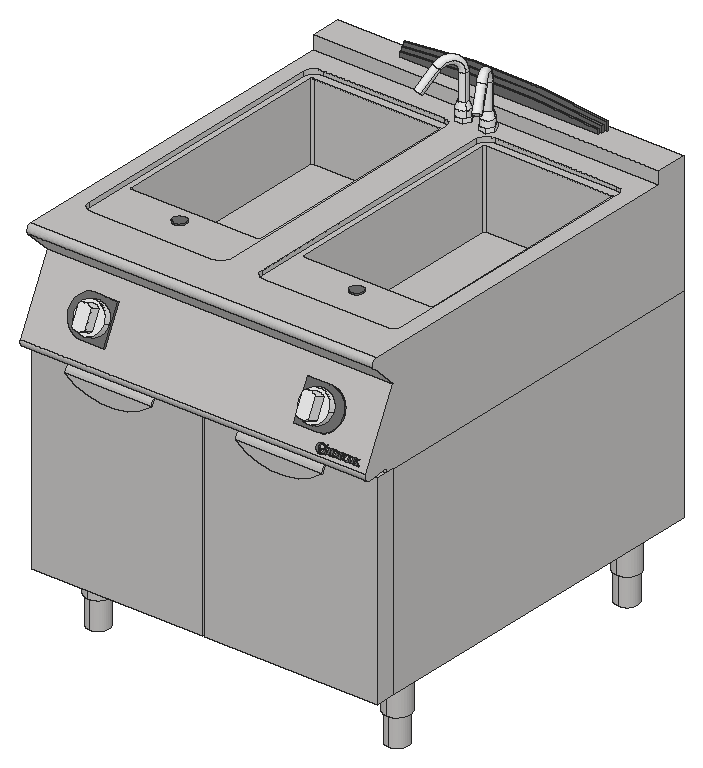
Revit family "QF_GIORIK_CPG946", category Specialty Equipment, Revit 2014
Parameters (values of type "CPG946")
  Weight in Pounds = 253.5313
  Waste Water Discharge Temperature [instance] = 0 °C
  URL Cutsheet = "www.giorik.com"
  URL = "www.giorik.com"
  Status [instance] = ""
  Specification by User [instance] = ""
  Specification by Manufacturer = ""
  Show Logo [instance] = yes
  Show Clearance [instance] = yes
  Serial Number = ""
  Seismic Rating = ""
  SMACNA No = ""
  Revision Code [instance] = ""
  Plumbing Remarks [instance] = ""
  Plumbing Connection Type [instance] = ""
  NAFEM Spec ID Number = ""
  Model = "CPG946"
  Masterspec = ""
  Manufacturer = "GIORIK"
  Item Number [instance] = ""
  Installed By [instance] = ""
  Indirect Waste Size = 1"
  Indirect Waste Flow = 0.0 L/s
  Indirect Waste Connection Type [instance] = ""
  Indirect Waste Connection Height [instance] = 150 mm
  Identify Quantity as Lot [instance] = no
  Gas Size = 1"
  Gas RI Height [instance] = 0 mm
  Gas KW = 30
  Gas Input = 30000 W
  Gas Connection Height [instance] = 150 mm
  Furnished By [instance] = ""
  Foodservice Equipment Identifier [instance] = yes
  Description = "40+40 LITRE TWIN TANK GAS PASTA COOKER."
  Cold Water Temperature Recommended = 0 °C
  Cold Water Size = 1/2"
  Cold Water RI Height [instance] = 150 mm
  Cold Water Minimum Pressure = 20000.0 Pa
  Cold Water Maximum Pressure = 50000.0 Pa
  Cold Water Flow [instance] = 0.0 L/s
  Cold Water Consumption [instance] = ""
  Cold Water Connection Height [instance] = 150 mm
  CSI MasterFormat = ""
  Assembly Code = "E1090320"
Reference planes
  plane 1 "Back": y = 0
  plane 2: z = 0
  plane 3 "Left": x = 0
  plane 4 "Right": x = 800
  plane 5 "Front": y = -920
  plane 6 "Top": z = 900
Forms (mm)
  Extrusion 1, solid, visible <- "Show Logo"
    sketch origin (586.604, -935.764, 609.022) x (-1, 0, 0) y (0, 0.452718, 0.891654)
      loop
        line (-118.824, 58.358) -> (-127.804, 58.358) -> (-125.523, 56.445) -> (-125.523, 48.027) -> (-127.804, 46.113) -> (-118.824, 46.113) -> (-121.105, 48.027) -> (-121.105, 56.445) -> (-118.824, 58.358)
      loop
        line (-163.721, 58.358) -> (-172.7, 58.358) -> (-170.42, 56.445) -> (-170.42, 48.027) -> (-172.7, 46.113) -> (-163.721, 46.113) -> (-166.001, 48.027) -> (-166.001, 56.445) -> (-163.721, 58.358)
      loop
        line (-174.332, 58.358) -> (-183.312, 58.358) -> (-181.031, 56.445) -> (-181.031, 52.435) -> (-186.419, 56.955) -> (-184.416, 58.358) -> (-191.268, 58.358) -> (-188.01, 56.839) -> (-185.455, 54.283) -> (-190.846, 47.858) -> (-193.396, 46.93) -> (-193.396, 46.113) -> (-184.416, 46.113) -> (-185.437, 47.571) -> (-182.443, 51.552) -> (-181.031, 50.894) -> (-181.031, 48.027) -> (-183.312, 46.113) -> (-174.332, 46.113) -> (-176.613, 48.027) -> (-176.613, 56.445) -> (-174.332, 58.358)
      loop
        line (-115.429, 62.063) -> (-115.429, 54.198)
        arc (-115.429, 54.198) -> (-111.618, 57.803) -> (-106.847, 59.986) r 16.039
        arc (-106.847, 59.986) -> (-103.314, 59.837) -> (-100.512, 57.68) r 5.851
        arc (-100.512, 57.68) -> (-98.815, 52.267) -> (-100.512, 46.853) r 9.479
        arc (-100.512, 46.853) -> (-102.406, 44.986) -> (-104.846, 43.93) r 7.236
        arc (-104.846, 43.93) -> (-107.728, 44.111) -> (-110.052, 45.825) r 5.11
        line (-110.052, 45.825) -> (-110.052, 52.001) -> (-116.141, 52.001) -> (-116.141, 45.503) -> (-117.893, 43.751) -> (-114.094, 44.769)
        arc (-114.094, 44.769) -> (-112.56, 44.947) -> (-111.129, 44.366) r 3.115
        arc (-111.129, 44.366) -> (-104.216, 42.091) -> (-97.303, 44.366) r 11.641
        arc (-97.303, 44.366) -> (-93.396, 52.107) -> (-97.303, 59.849) r 9.622
        arc (-97.303, 59.849) -> (-104.369, 62.174) -> (-111.435, 59.849) r 11.898
        line (-111.435, 59.849) -> (-115.429, 62.063)
      loop
        arc (-129.234, 56.068) -> (-135.893, 58.628) -> (-142.552, 56.068) r 9.941
        arc (-142.552, 56.068) -> (-144.234, 52.286) -> (-142.552, 48.505) r 5.093
        arc (-142.552, 48.505) -> (-135.893, 45.945) -> (-129.234, 48.505) r 9.941
        arc (-129.234, 48.505) -> (-127.552, 52.286) -> (-129.234, 56.068) r 5.093
      loop
        arc (-132.628, 54.403) -> (-135.893, 57.668) -> (-139.158, 54.403) r 3.265
        line (-139.158, 54.403) -> (-139.158, 50.169)
        arc (-139.158, 50.169) -> (-135.893, 46.904) -> (-132.628, 50.169) r 3.265
        line (-132.628, 50.169) -> (-132.628, 54.403)
      loop
        arc (-156.363, 58.365) -> (-159.647, 55.081) -> (-156.363, 51.796) r 3.285
        line (-156.363, 51.796) -> (-159.529, 47.306) -> (-162.087, 46.113) -> (-155.847, 46.113) -> (-153.529, 51.083) -> (-150.637, 51.083) -> (-150.637, 47.784) -> (-153.022, 46.113) -> (-144.011, 46.113) -> (-146.094, 47.68) -> (-146.094, 56.493) -> (-144.229, 58.365) -> (-156.363, 58.365)
      loop
        line (-150.637, 57.512) -> (-153.637, 57.512)
        arc (-153.637, 57.512) -> (-156.237, 54.912) -> (-153.637, 52.312) r 2.6
        line (-153.637, 52.312) -> (-150.637, 52.312) -> (-150.637, 57.512)
      loop
        line (-108.924, 52.001) -> (-104.936, 49.005) -> (-100.948, 52.001) -> (-108.924, 52.001)
    from 1.5 to -0.5
  Extrusion 2, solid
    sketch origin (-16, 1025.81, 0) x (1, 0, 0) y (0, 1, 0)
      loop
        line (25, -1086.81) -> (25, -1156.81) -> (115, -1156.81) -> (115, -1086.81) -> (25, -1086.81)
    from 148 to 150
  Extrusion 3, solid
    sketch origin (35, -65, 130) x (1, 0, 0) y (0, 1, 0)
      loop
        circle (54, -385) r 12.5
    from 0 to 20
  Extrusion 4, solid
    sketch origin (0, 800, -20) x (0, 1, 0) y (0, 0, 1)
      loop
        line (-800, 919.988) -> (-870, 919.988) -> (-870, 889.988) -> (-1688.669, 889.988)
        arc (-1688.669, 889.988) -> (-1699.014, 883.075) -> (-1696.586, 870.873) r 11.197
        line (-1696.586, 870.873) -> (-1640.738, 815.025) -> (-1718.81, 661.258)
        arc (-1718.81, 661.258) -> (-1718.095, 650.105) -> (-1707.98, 645.354) r 10.981
        line (-1707.98, 645.354) -> (-1659.862, 649.925) -> (-1659.862, 640) -> (-800, 640) -> (-800, 919.988)
    from 0 to 800
  Extrusion 5, solid
    sketch origin (0, -200, 599.536) x (1, 0, 0) y (0, 1, 0)
      loop
        line (0, -640) -> (40, -640) -> (40, 160) -> (760, 160) -> (760, -640) -> (800, -640) -> (800, 200) -> (0, 200) -> (0, -640)
    from -449.536 to 20.464
  Extrusion 6, solid
    sketch origin (0, -200, 0) x (1, 0, 0) y (0, 1, 0)
      loop
        line (40, 160) -> (40, -640) -> (760, -640) -> (760, 160) -> (40, 160)
    from 150 to 190
  Extrusion 7, solid
    sketch origin (-16, 360.81, 0) x (1, 0, 0) y (0, 1, 0)
      loop
        line (25, -1086.81) -> (25, -1156.81) -> (115, -1156.81) -> (115, -1086.81) -> (25, -1086.81)
    from 148 to 150
  Revolve 8, solid
    sketch origin (54, 360.81, 0) x (0, 1, 0) y (0, 0, 1)
      loop
        line (-1092.56, 66) -> (-1092.56, 148) -> (-1121.81, 148) -> (-1121.81, 0) -> (-1096.81, 0) -> (-1096.81, 66) -> (-1092.56, 66)
      axis (-1121.81, 0) -> (-1121.81, 148)
    angle from 0 to 360
  Revolve 9, solid
    sketch origin (54, 1025.81, 0) x (0, 1, 0) y (0, 0, 1)
      loop
        line (-1092.56, 66) -> (-1092.56, 148) -> (-1121.81, 148) -> (-1121.81, 0) -> (-1096.81, 0) -> (-1096.81, 66) -> (-1092.56, 66)
      axis (-1121.81, 0) -> (-1121.81, 148)
    angle from 0 to 360
  Extrusion 10, solid
    sketch origin (816, 360.81, 0) x (-1, 0, 0) y (0, -1, 0)
      loop
        line (25, 1086.81) -> (115, 1086.81) -> (115, 1156.81) -> (25, 1156.81) -> (25, 1086.81)
    from 148 to 150
  Revolve 11, solid
    sketch origin (746, 360.81, 0) x (0, 1, 0) y (0, 0, -1)
      loop
        line (-1092.56, -66) -> (-1096.81, -66) -> (-1096.81, 0) -> (-1121.81, 0) -> (-1121.81, -148) -> (-1092.56, -148) -> (-1092.56, -66)
      axis (-1121.81, 0) -> (-1121.81, -148)
    angle from 0 to 360
  Extrusion 12, solid
    sketch origin (816, -1217.81, 0) x (-1, 0, 0) y (0, -1, 0)
      loop
        line (25, -1086.81) -> (25, -1156.81) -> (115, -1156.81) -> (115, -1086.81) -> (25, -1086.81)
    from 148 to 150
  Revolve 13, solid
    sketch origin (746, -1217.81, 0) x (0, -1, 0) y (0, 0, 1)
      loop
        line (-1092.56, 66) -> (-1092.56, 148) -> (-1121.81, 148) -> (-1121.81, 0) -> (-1096.81, 0) -> (-1096.81, 66) -> (-1092.56, 66)
      axis (-1121.81, 0) -> (-1121.81, 148)
    angle from 0 to 360
  Extrusion 14, solid
    sketch origin (-283.221, -1163.345, 52.363) x (1, 0, 0) y (0, 0.452718, 0.891654)
      loop
        line (463.221, 676.25) -> (463.221, 766.25) -> (409.698, 766.25)
        arc (409.698, 766.25) -> (364.698, 721.25) -> (409.698, 676.25) r 45
        line (409.698, 676.25) -> (463.221, 676.25)
    from 48 to 50
  Extrusion 15, solid
    sketch origin (491.331, -1208.697, 74.959) x (-1, 0, 0) y (0, -0.45351, -0.891251)
      loop
        circle (351.331, -721.346) r 35
    from 0 to 15
  Extrusion 16, solid
    sketch origin (491.331, -1208.697, 74.959) x (-1, 0, 0) y (0, -0.45351, -0.891251)
      loop
        arc (336.331, -743.846) -> (351.331, -748.846) -> (366.331, -743.846) r 25
        line (366.331, -743.846) -> (366.331, -698.846)
        arc (366.331, -698.846) -> (351.331, -693.846) -> (336.331, -698.846) r 25
        line (336.331, -698.846) -> (336.331, -743.846)
    from 15 to 40
  Extrusion 17, void
    sketch origin (0, -200, 819.988) x (0, 1, 0) y (-1, 0, 0)
      loop
        arc (80, -60) -> (72.678, -42.322) -> (55, -35) r 25
        line (55, -35) -> (-565.002, -35)
        arc (-565.002, -35) -> (-582.68, -42.322) -> (-590.002, -60) r 25
        line (-590.002, -60) -> (-590.002, -340)
        arc (-590.002, -340) -> (-582.68, -357.678) -> (-565.002, -365) r 25
        line (-565.002, -365) -> (55, -365)
        arc (55, -365) -> (72.678, -357.678) -> (80, -340) r 25
        line (80, -340) -> (80, -60)
    from -137.243 to 50
  Extrusion 18, solid
    sketch origin (-224, -316, 100) x (0, 1, 0) y (-1, 0, 0)
      loop
        circle (-54, -313) r 6.35
    from 30 to 50
  Extrusion 19, solid
    sketch origin (136, -286, 100) x (0, 1, 0) y (-1, 0, 0)
      loop
        circle (-129, -162) r 12.7
    from 30 to 50
  Extrusion 20, solid
    sketch origin (0, -200, 809.988) x (0, 1, 0) y (-1, 0, 0)
      loop
        line (60, -345) -> (60, -55)
        arc (60, -55) -> (58.536, -51.464) -> (55, -50) r 5
        line (55, -50) -> (-460.364, -50)
        arc (-460.364, -50) -> (-463.899, -51.464) -> (-465.364, -55) r 5
        line (-465.364, -55) -> (-465.364, -345)
        arc (-465.364, -345) -> (-463.899, -348.536) -> (-460.364, -350) r 5
        line (-460.364, -350) -> (55, -350)
        arc (55, -350) -> (58.536, -348.536) -> (60, -345) r 5
      loop
        arc (73.67, -368.87) -> (80.741, -365.941) -> (83.67, -358.87) r 10
        line (83.67, -358.87) -> (83.67, -40.28)
        arc (83.67, -40.28) -> (80.741, -33.209) -> (73.67, -30.28) r 10
        line (73.67, -30.28) -> (-586, -30.28)
        arc (-586, -30.28) -> (-593.071, -33.209) -> (-596, -40.28) r 10
        line (-596, -40.28) -> (-596, -358.87)
        arc (-596, -358.87) -> (-593.071, -365.941) -> (-586, -368.87) r 10
        line (-586, -368.87) -> (73.67, -368.87)
    from -136.122 to 50
  Extrusion 21, solid
    sketch origin (-4.529, -225.827, 861.988) x (0, 1, 0) y (-1, 0, 0)
      loop
        circle (-476.382, -199.529) r 15
    from -2 to 0
  Extrusion 22, solid
    sketch origin (1083.221, -1163.345, 52.363) x (-1, 0, 0) y (0, -0.452718, -0.891654)
      loop
        line (463.221, -676.25) -> (409.698, -676.25)
        arc (409.698, -676.25) -> (364.698, -721.25) -> (409.698, -766.25) r 45
        line (409.698, -766.25) -> (463.221, -766.25) -> (463.221, -676.25)
    from 48 to 50
  Extrusion 23, solid
    sketch origin (308.669, -1208.697, 74.959) x (1, 0, 0) y (0, 0.45351, 0.891251)
      loop
        circle (351.331, 721.346) r 35
    from 0 to 15
  Extrusion 24, solid
    sketch origin (308.669, -1208.697, 74.959) x (1, 0, 0) y (0, 0.45351, 0.891251)
      loop
        line (336.331, 743.846) -> (336.331, 698.846)
        arc (336.331, 698.846) -> (351.331, 693.846) -> (366.331, 698.846) r 25
        line (366.331, 698.846) -> (366.331, 743.846)
        arc (366.331, 743.846) -> (351.331, 748.846) -> (336.331, 743.846) r 25
    from 15 to 40
  Extrusion 25, solid
    sketch origin (800, -200, 809.988) x (0, 1, 0) y (-1, 0, 0)
      loop
        arc (60, 345) -> (58.536, 348.536) -> (55, 350) r 5
        line (55, 350) -> (-460.364, 350)
        arc (-460.364, 350) -> (-463.899, 348.536) -> (-465.364, 345) r 5
        line (-465.364, 345) -> (-465.364, 55)
        arc (-465.364, 55) -> (-463.899, 51.464) -> (-460.364, 50) r 5
        line (-460.364, 50) -> (55, 50)
        arc (55, 50) -> (58.536, 51.464) -> (60, 55) r 5
        line (60, 55) -> (60, 345)
      loop
        line (73.67, 368.87) -> (-586, 368.87)
        arc (-586, 368.87) -> (-593.071, 365.941) -> (-596, 358.87) r 10
        line (-596, 358.87) -> (-596, 40.28)
        arc (-596, 40.28) -> (-593.071, 33.209) -> (-586, 30.28) r 10
        line (-586, 30.28) -> (73.67, 30.28)
        arc (73.67, 30.28) -> (80.741, 33.209) -> (83.67, 40.28) r 10
        line (83.67, 40.28) -> (83.67, 358.87)
        arc (83.67, 358.87) -> (80.741, 365.941) -> (73.67, 368.87) r 10
    from -136.122 to 50
  Extrusion 26, solid
    sketch origin (804.529, -225.827, 861.988) x (0, 1, 0) y (-1, 0, 0)
      loop
        circle (-476.382, 199.529) r 15
    from -2 to 0
  Extrusion 27, solid
    sketch origin (36.031, 0, -10.001) x (1, 0, 0) y (0, 0, 1)
      loop
        line (135, 909.989) -> (592.969, 909.989) -> (592.969, 919.989) -> (440.969, 929.989) -> (287, 929.989) -> (135, 919.989) -> (135, 909.989)
    from 32 to 35
  Extrusion 28, solid
    sketch origin (38, 10, -10.001) x (1, 0, 0) y (0, 0, 1)
      loop
        line (594, 909.989) -> (594, 924.989) -> (440, 937.489) -> (284, 937.489) -> (130, 925.001) -> (130, 909.989) -> (594, 909.989)
    from 32 to 35
  Extrusion 29, solid
    sketch origin (40, 20, -10.001) x (1, 0, 0) y (0, 0, 1)
      loop
        line (595, 909.989) -> (595, 930.001) -> (439, 945.258) -> (281, 945.258) -> (125, 929.989) -> (125, 909.989) -> (595, 909.989)
    from 32 to 35
  Extrusion 30, solid
    sketch origin (0, -925, 0) x (1, 0, 0) y (0, 0, 1)
      loop
        line (0, 620) -> (0, 150) -> (395, 150) -> (395, 620) -> (0, 620)
      loop
        line (400, 150) -> (800, 150) -> (800, 620) -> (400, 620) -> (400, 150)
    from -85 to -40
  Extrusion 31, solid
    sketch origin (2.5, -925, -20.1) x (0, 1, 0) y (0, 0, 1)
      loop
        arc (25, 640.1) -> (14.393, 635.707) -> (10, 625.1) r 15
        line (10, 625.1) -> (12, 625.1)
        arc (12, 625.1) -> (15.808, 634.292) -> (25, 638.1) r 13
        line (25, 638.1) -> (40, 638.1) -> (40, 640.1) -> (25, 640.1)
    from 97.5 to 297.5
  Extrusion 32, solid
    sketch origin (2.5, -924.905, -20.1) x (1, 0, 0) y (0, 0, 1)
      loop
        arc (97.5, 625.1) -> (197.5, 590.089) -> (297.5, 625.1) r 160.316
        line (297.5, 625.1) -> (97.5, 625.1)
    from -11.905 to -9.905
  Extrusion 33, solid
    sketch origin (397.5, -925, -20.1) x (0, 1, 0) y (0, 0, 1)
      loop
        arc (25, 640.1) -> (14.393, 635.707) -> (10, 625.1) r 15
        line (10, 625.1) -> (12, 625.1)
        arc (12, 625.1) -> (15.808, 634.292) -> (25, 638.1) r 13
        line (25, 638.1) -> (40, 638.1) -> (40, 640.1) -> (25, 640.1)
    from 97.5 to 297.5
  Extrusion 34, solid
    sketch origin (397.5, -924.905, -20.1) x (1, 0, 0) y (0, 0, 1)
      loop
        arc (97.5, 625.1) -> (197.5, 590.089) -> (297.5, 625.1) r 160.316
        line (297.5, 625.1) -> (97.5, 625.1)
    from -11.905 to -9.905
  Extrusion 35, solid, visible <- "Show Clearance", detail levels coarse
    sketch origin (0, -925, 0) x (1, 0, 0) y (0, 1, 0)
      loop
        line (0, 40) -> (0, -355)
        arc (0, -355) -> (279.307, -239.307) -> (395, 40) r 395
        line (395, 40) -> (0, 40)
      loop
        line (800, 40) -> (400, 40)
        arc (400, 40) -> (517.466, -241.069) -> (800, -354.968) r 395
        line (800, -354.968) -> (800, 40)
    from 150 to 620
  Extrusion 36, void
    sketch origin (400, -200, 819.988) x (0, 1, 0) y (-1, 0, 0)
      loop
        arc (80, -60) -> (72.678, -42.322) -> (55, -35) r 25
        line (55, -35) -> (-565.002, -35)
        arc (-565.002, -35) -> (-582.68, -42.322) -> (-590.002, -60) r 25
        line (-590.002, -60) -> (-590.002, -340)
        arc (-590.002, -340) -> (-582.68, -357.678) -> (-565.002, -365) r 25
        line (-565.002, -365) -> (55, -365)
        arc (55, -365) -> (72.678, -357.678) -> (80, -340) r 25
        line (80, -340) -> (80, -60)
    from -137.243 to 50
  Extrusion 37, solid
    sketch origin (536, -286, 100) x (0, 1, 0) y (-1, 0, 0)
      loop
        circle (-129, -162) r 12.7
    from 30 to 50
  Revolve 38, solid
    sketch origin (-198.943, 176.912, -15.012) x (0.898794, -0.438371, 0) y (0, 0, 1)
      loop
        line (635, 895) -> (650, 895) -> (650, 910) -> (645, 925) -> (635, 925) -> (635, 895)
      axis (635, 925) -> (635, 895)
    angle from 0 to 360
  Sweep 39, solid
    path origin (475.686, 111.56, -15.012) x (0.438371, 0.898794, 0) y (0, 0, 1)
      loop
        line (-237, 925) -> (-237, 986.382)
        arc (-237, 986.382) -> (-256.494, 1014.482) -> (-289.641, 1006.064) r 30
        line (-289.641, 1006.064) -> (-326.852, 963.258)
    profile origin (371.792, -101.454, 940.679) x (-0.438371, -0.898794, 0) y (0.898794, -0.438371, 0)
      loop
        circle (0, 0) r 9
  Extrusion 40, solid
    sketch origin (-678.408, 1017.72, 884.988) x (-0.779686, 0.626171, 0) y (-0.626171, -0.779686, 0)
      loop
        line (-1502.427, 209.668) -> (-1506.406, 227.223) -> (-1523.598, 232.555) -> (-1536.811, 220.332) -> (-1532.833, 202.777) -> (-1515.641, 197.445) -> (-1502.427, 209.668)
    from -15 to -5
  Revolve 41, solid
    sketch origin (998.943, 176.912, -15.012) x (-0.898794, -0.438371, 0) y (0, 0, -1)
      loop
        line (635, -895) -> (635, -925) -> (645, -925) -> (650, -910) -> (650, -895) -> (635, -895)
      axis (635, -925) -> (635, -895)
    angle from 0 to 360
  Sweep 42, solid
    path origin (324.314, 111.56, -15.012) x (-0.438371, 0.898794, 0) y (0, 0, -1)
      loop
        line (-237, -925) -> (-237, -986.382)
        arc (-237, -986.382) -> (-256.494, -1014.482) -> (-289.641, -1006.064) r 30
        line (-289.641, -1006.064) -> (-326.852, -963.258)
    profile origin (428.208, -101.454, 940.679) x (-0.438371, 0.898794, 0) y (-0.898794, -0.438371, 0)
      loop
        circle (0, 0) r 9
  Extrusion 43, solid
    sketch origin (1478.408, 1017.72, 884.988) x (0.779686, 0.626171, 0) y (-0.626171, 0.779686, 0)
      loop
        line (-1502.427, -209.668) -> (-1515.641, -197.445) -> (-1532.833, -202.777) -> (-1536.811, -220.332) -> (-1523.598, -232.555) -> (-1506.406, -227.223) -> (-1502.427, -209.668)
    from -15 to -5
Cuts and joins
  Extrusion 17, Extrusion 36 cuts Extrusion 4
  Extrusion 36 cuts Extrusion 20
  Extrusion 36 cuts Extrusion 21
Lines and regions (mm)
  symbolic lines, style "200-EquipBorder-2D"
    curve 1: line (0, -920, 0) -> (800, -920, 0)
    curve 2: line (800, -920, 0) -> (800, 0, 0)
    curve 3: line (800, 0, 0) -> (0, 0, 0)
    curve 4: line (0, 0, 0) -> (0, -920, 0)
    curve 76: line (125, -927.413, 900) -> (125, -920, 900)
    curve 77: line (155, -927.413, 900) -> (155, -920, 900)
    curve 78: line (675, -927.413, 900) -> (675, -920, 900)
    curve 79: line (645, -927.413, 900) -> (645, -920, 900)
    curve 80: arc (645, -927.413, 900) -> (660, -929.748, 900) -> (675, -927.413, 900) r 49.359
    curve 81: arc (155, -927.413, 900) -> (140, -929.73, 900) -> (125, -927.413, 900) r 49.721
  symbolic lines, style "200-EquipInternal-2D"
    curve 5: line (0, -70, 900) -> (800, -70, 900)
    curve 6: line (340, -120, 900) -> (60, -120, 900)
    curve 7: arc (60, -120, 900) -> (42.322, -127.322, 900) -> (35, -145, 900) r 25
    curve 8: line (35, -145, 900) -> (35, -765, 900)
    curve 9: arc (351.393, -122.747, 900) -> (345.86, -120.696, 900) -> (340, -120, 900) r 25
    curve 10: arc (340, -790, 900) -> (357.678, -782.678, 900) -> (365, -765, 900) r 25
    curve 11: line (60, -790, 900) -> (340, -790, 900)
    curve 12: arc (35, -765, 900) -> (42.322, -782.678, 900) -> (60, -790, 900) r 25
    curve 13: line (55, -140, 900) -> (342.978, -140, 900)
    curve 14: line (345, -665.364, 900) -> (55, -665.364, 900)
    curve 15: arc (55, -140, 900) -> (51.464, -141.464, 900) -> (50, -145, 900) r 5
    curve 16: arc (350, -660.364, 900) -> (348.536, -663.899, 900) -> (345, -665.364, 900) r 5
    curve 17: circle (195, -702.209, 900) r 15 normal (0, 0, 1)
    curve 18: line (50, -660.364, 900) -> (50, -145, 900)
    curve 19: line (350, -166.664, 900) -> (350, -660.364, 900)
    curve 20: line (460, -120, 900) -> (740, -120, 900)
    curve 21: arc (740, -120, 900) -> (757.678, -127.322, 900) -> (765, -145, 900) r 25
    curve 22: line (765, -145, 900) -> (765, -765, 900)
    curve 23: line (435, -765, 900) -> (435, -145, 900)
    curve 24: arc (460, -790, 900) -> (442.322, -782.678, 900) -> (435, -765, 900) r 25
    curve 25: line (740, -790, 900) -> (460, -790, 900)
    curve 26: arc (765, -765, 900) -> (757.678, -782.678, 900) -> (740, -790, 900) r 25
    curve 27: line (745, -140, 900) -> (457.022, -140, 900)
    curve 28: line (455, -665.364, 900) -> (745, -665.364, 900)
    curve 29: arc (745, -140, 900) -> (748.536, -141.464, 900) -> (750, -145, 900) r 5
    curve 30: arc (450, -660.364, 900) -> (451.464, -663.899, 900) -> (455, -665.364, 900) r 5
    curve 31: circle (605, -702.209, 900) r 15 normal (0, 0, -1)
    curve 32: line (750, -660.364, 900) -> (750, -145, 900)
    curve 33: line (165, -15, 900) -> (635, -15, 900)
    curve 34: line (171.031, -35, 900) -> (629, -35, 900)
    curve 35: line (629, -32, 900) -> (171.031, -32, 900)
    curve 36: line (168, -25, 900) -> (632, -25, 900)
    curve 37: line (171.031, -32, 900) -> (171.031, -35, 900)
    curve 38: line (168, -22, 900) -> (168, -25, 900)
    curve 39: line (165, -12, 900) -> (165, -15, 900)
    curve 40: line (635, -12, 900) -> (165, -12, 900)
    curve 41: line (632, -22, 900) -> (168, -22, 900)
    curve 42: line (635, -15, 900) -> (635, -12, 900)
    curve 43: line (632, -25, 900) -> (632, -22, 900)
    curve 44: line (629, -35, 900) -> (629, -32, 900)
    curve 49: line (365, -765.002, 900) -> (365, -145, 900)
    curve 50: arc (363.993, -137.975, 900) -> (364.747, -141.451, 900) -> (365, -145, 900) r 25
    curve 51: arc (448.607, -122.747, 900) -> (454.14, -120.696, 900) -> (460, -120, 900) r 25
    curve 52: arc (436.007, -137.975, 900) -> (435.253, -141.451, 900) -> (435, -145, 900) r 25
    curve 53: line (450, -660.364, 900) -> (450, -166.664, 900)
    curve 54: line (361.726, -86.531, 900) -> (353.835, -102.709, 900)
    curve 55: line (381.857, -116.377, 900) -> (389.748, -100.198, 900)
    curve 56: line (389.748, -100.198, 900) -> (379.682, -85.276, 900)
    curve 57: line (379.682, -85.276, 900) -> (361.726, -86.531, 900)
    curve 58: arc (363.702, -97.509, 900) -> (375.737, -93.365, 900) -> (379.881, -105.399, 900) r 9
    curve 59: line (410.252, -100.198, 900) -> (418.143, -116.377, 900)
    curve 60: line (420.318, -85.276, 900) -> (410.252, -100.198, 900)
    curve 61: line (438.274, -86.531, 900) -> (420.318, -85.276, 900)
    curve 62: line (446.165, -102.709, 900) -> (438.274, -86.531, 900)
    curve 63: arc (420.119, -105.399, 900) -> (424.263, -93.365, 900) -> (436.298, -97.509, 900) r 9
    curve 64: spline (475.686, -178.267, 900) -> (476.181, -179.981, 900) -> (476.091, -181.848, 900) -> (475.422, -183.739, 900) -> (474.22, -185.526, 900) -> (472.567, -187.088, 900) -> (470.574, -188.317, 900) -> (468.379, -189.13, 900) -> (466.131, -189.472, 900) -> (463.982, -189.319, 900) -> (462.08, -188.681, 900) -> (460.554, -187.603, 900) -> (459.508, -186.157, 900)
    curve 65: spline (340.492, -186.157, 900) -> (339.446, -187.603, 900) -> (337.92, -188.681, 900) -> (336.018, -189.319, 900) -> (333.869, -189.472, 900) -> (331.621, -189.13, 900) -> (329.426, -188.317, 900) -> (327.433, -187.088, 900) -> (325.78, -185.526, 900) -> (324.578, -183.739, 900) -> (323.909, -181.848, 900) -> (323.819, -179.981, 900) -> (324.314, -178.267, 900)
    curve 66: line (340.492, -186.157, 900) -> (379.881, -105.399, 900)
    curve 67: line (363.702, -97.509, 900) -> (324.314, -178.267, 900)
    curve 68: line (436.298, -97.509, 900) -> (475.686, -178.267, 900)
    curve 69: line (459.508, -186.157, 900) -> (420.119, -105.399, 900)
    curve 70: line (381.857, -116.377, 900) -> (374.268, -116.907, 900)
    curve 71: line (358.09, -109.017, 900) -> (353.835, -102.709, 900)
    curve 72: line (418.143, -116.377, 900) -> (425.732, -116.907, 900)
    curve 73: line (441.91, -109.017, 900) -> (446.165, -102.709, 900)
    curve 74: arc (745, -665.364, 900) -> (748.536, -663.899, 900) -> (750, -660.364, 900) r 5
    curve 75: arc (55, -665.364, 900) -> (51.464, -663.899, 900) -> (50, -660.364, 900) r 5
  symbolic lines, style "QF_Door-Drawer Clearances", visible <- "Show Clearance", detail levels coarse
    curve 45: arc (0, -1280, 0) -> (266.646, -1176.419, 0) -> (393.446, -920, 0) r 395
    curve 46: arc (401.554, -920, 0) -> (530.204, -1178.101, 0) -> (800, -1279.968, 0) r 395
    curve 47: line (800, -1279.968, 0) -> (800, -920, 0)
    curve 48: line (0, -920, 0) -> (0, -1280, 0)
Dimensions and locks
  plane 3 "Left" to plane 4 "Right" = 800 mm
  plane 5 "Front" to plane 1 "Back" = 920 mm
  plane 4 "Right" to plane 3 "Left" = 800 mm
  plane 1 "Back" to plane 5 "Front" = 920 mm
  plane 6 "Top" to level = 900 mm  (x2)
  aligned and locked: level to plane 2
Connectors
  piping at (89, -370, 130), diameter 12.7, driven by "Cold Water Size", driven by "Cold Water Flow"
    settings: on Extrusion 18, index 2, connector inside diameter 24", connector length 0 mm, flow factor 0, pipe flow 0.0 L/s, pressure drop 0.0 Pa, fitting loss kfactor 0, connector angle 0.00°, fixture units 0, engagement length 0 mm, angle of deflection 0.00°, flow configuration 1, flow direction 1, fitting loss method 0, system type 20, joint type 0, gender type 0, connector reference index -1, connector utility 0, adjustable connector no, is connector primary yes, connector description "Water inlet"
  piping at (298, -415, 130), diameter 25.4, driven by "Indirect Waste Size", driven by "Indirect Waste Flow"
    settings: on Extrusion 19, index 3, connector inside diameter 24", connector length 0 mm, flow factor 0, pipe flow 0.0 L/s, pressure drop 0.0 Pa, fitting loss kfactor 0, connector angle 0.00°, fixture units 0, engagement length 0 mm, angle of deflection 0.00°, flow configuration 1, flow direction 2, fitting loss method 0, system type 16, joint type 0, gender type 0, connector reference index -1, connector utility 0, adjustable connector no, is connector primary no, connector description "Water drain"
  piping at (89, -450, 130), diameter 25.4, driven by "Gas Size"
    settings: on Extrusion 3, index 4, connector inside diameter 24", connector length 0 mm, flow factor 0, pipe flow 0.0 L/s, pressure drop 0.0 Pa, fitting loss kfactor 0, connector angle 0.00°, fixture units 0, engagement length 0 mm, angle of deflection 0.00°, flow configuration 1, flow direction 1, fitting loss method 0, system type 22, joint type 0, gender type 0, connector reference index -1, connector utility 0, adjustable connector no, is connector primary no, connector description "Gas inlet"
  piping at (698, -415, 130), diameter 25.4, driven by "Indirect Waste Size", driven by "Indirect Waste Flow"
    settings: on Extrusion 37, index 5, connector inside diameter 24", connector length 0 mm, flow factor 0, pipe flow 0.0 L/s, pressure drop 0.0 Pa, fitting loss kfactor 0, connector angle 0.00°, fixture units 0, engagement length 0 mm, angle of deflection 0.00°, flow configuration 1, flow direction 1, fitting loss method 0, system type 16, joint type 0, gender type 0, connector reference index -1, connector utility 0, adjustable connector no, is connector primary no, connector description "Water drain"
